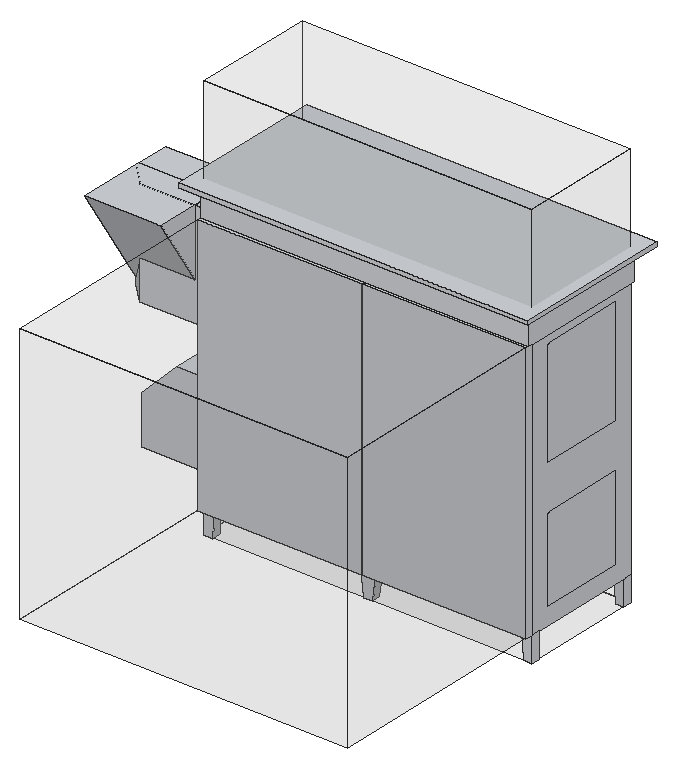
Revit family "AHU 3 _6", category Mechanické zařízení, Revit 2018
Family settings
  Kóta kulaté spojky = Použít průměr
  Typ dílu = Normální
  Číslo OmniClass = 23.75.00.00
  Nadpis OmniClass = Climate Control (HVAC)
  Založené na pracovní rovině = Ne
  Vždy vertikální = Ano
  Ořezat dutým tvarem při načtení = Ne
  Sdílené = Ne
  Bod výpočtu místnosti = Ne
Parameters (values of type "DUPLEXVENT Flexi (3G) DV3500 (RD5)")
  Width [instance] = 0.78 mm
  Weight [instance] = 407.00 kg
  URL = ""
  Type [instance] = "DUPLEXVENT Flexi (3G) DV3500 (RD5)"
  Total_SFP [instance] = 0
  Supply_outlet_hum [instance] = 24.8
  Supply_inlet_hum [instance] = 90
  Supply_ext_pressure [instance] = 200.0 Pa
  Supply_SFP [instance] = 0
  Source_adu_file [instance] = "C:\\\\Users\\\\dgavril\\\\OneDrive - Airflow Developments Ltd\\\\Desktop\\\\adu durley chine V4.adu"
  Recuperation_type [instance] = "Plate heat recovery exchanger"
  Recuperation_efficiency_EN308 [instance] = 82.6
  Project_name [instance] = "Durley Chine Passivhaus"
  Project_date [instance] = "13-08-2021"
  Power_supply_fusing [instance] = "0"
  Power_supply_cable [instance] = "0"
  Position [instance] = "AHU 3 "
  Phases_count [instance] = 3
  Panel_thickness [instance] = 0.06 mm
  Outer_surface [instance] = "RAL 9002"
  Length [instance] = 1.95 mm
  Insulation_type [instance] = "PUR"
  Insulation_thickness [instance] = 0.05 mm
  Installation_environment [instance] = ""
  Input_power_max [instance] = 5000 W
  Inner_surface [instance] = "Pozink"
  I2 [instance] = I1  # 0.0 L/s
  Height [instance] = 1.55 mm
  Exhaust_outlet_hum [instance] = 96.4
  Exhaust_inlet_hum [instance] = 40
  Exhaust_ext_pressure [instance] = 200.0 Pa
  Exhaust_SFP [instance] = 0
  E1 [instance] = E2 - M1  # 0.0 L/s
  E2 [instance] = 0.0 L/s
  I1 [instance] = 0.0 L/s
  Description = ""
  M1 [instance] = 0.0 L/s
  Device_dutypoint_version [instance] = "31"
  Device_design_version [instance] = "103"
  Device_adu_id [instance] = "6"
  Current_max [instance] = 7.6 A
  Casing_mat [instance] = "painted zinc layer"
  Cable type [instance] = "CYKY 5Jx2,5"
Reference planes
  plane 1 "Střed (vpředu/vzadu)": y = 0
  plane 2 "ref": z = 0
  plane 3 "Střed (vlevo/vpravo)": x = 0
Forms (mm)
  Sweep 1, solid
    path origin (0, 0, 0) x (0, 0, 1) y (1, 0, 0)
      loop
        line (0, 0) -> (1550, 0)
    profile origin (0, 0, 0) x (1, 0, 0) y (0, 1, 0)
      loop
        line (0, 0) -> (1950, 0) -> (1950, 735) -> (0, 735) -> (0, 0)
  Sweep 2, solid
    path origin (0, 0, 0) x (0, 0, 1) y (1, 0, 0)
      loop
        line (0, 0) -> (1550, 0)
    profile origin (0, 0, 0) x (1, 0, 0) y (0, 1, 0)
      loop
        line (0, 0) -> (0, -45) -> (1950, -45) -> (1950, 0) -> (0, 0)
  Sweep 3, solid
    path origin (-233, 615, 355) x (1, 0, 0) y (0, 1, 0)
      loop
        line (0, 0) -> (0, -500)
    profile origin (-233, 615, 355) x (1, 0, 0) y (0, 0, 1)
      loop
        line (233, 250) -> (-23, 250) -> (-233, 41) -> (-233, -250) -> (233, -250) -> (233, 250)
  Sweep 4, solid
    path origin (0, 0, 105) x (0, 0, 1) y (1, 0, 0)
      loop
        line (0, 0) -> (500, 0)
    profile origin (0, 0, 105) x (1, 0, 0) y (0, 1, 0)
      loop
        line (-1, 115) -> (0, 115) -> (0, 615) -> (-1, 615) -> (-1, 115)
  Sweep 5, solid
    path origin (1949, 365, 1190) x (1, 0, 0) y (0, 1, 0)
      loop
        line (0, 0) -> (1, 0)
    profile origin (1949, 365, 1190) x (0, 1, 0) y (0, 0, 1)
      loop
        line (-250, 315) -> (-250, -315) -> (250, -315) -> (250, 315) -> (-250, 315)
  Sweep 6, solid
    path origin (1949, 365, 355) x (1, 0, 0) y (0, 1, 0)
      loop
        line (0, 0) -> (1, 0)
    profile origin (1949, 365, 355) x (0, 1, 0) y (0, 0, 1)
      loop
        line (-250, 250) -> (-250, -250) -> (250, -250) -> (250, 250) -> (-250, 250)
  Sweep 7, solid
    path origin (-300, 365, 875) x (0, 0, 1) y (1, 0, 0)
      loop
        line (0, 0) -> (630, 0)
    profile origin (-300, 365, 875) x (1, 0, 0) y (0, 1, 0)
      loop
        line (300, 250) -> (150, 250) -> (150, 100) -> (-300, 100) -> (-300, -125) -> (-175, -250) -> (300, -250) -> (300, 250)
  Sweep 8, solid
    path origin (-150, 365, 1190) x (0, 1, 0) y (-1, 0, 0)
      loop
        line (0, 0) -> (0, 450)
    profile origin (-150, 365, 1190) x (0, -1, 0) y (0, 0, 1)
      loop
        line (100, -315) -> (500, 315) -> (100, 315) -> (100, -315)
  Sweep 9, solid
    path origin (0, 0, 875) x (0, 0, 1) y (1, 0, 0)
      loop
        line (0, 0) -> (630, 0)
    profile origin (0, 0, 875) x (1, 0, 0) y (0, 1, 0)
      loop
        line (-1, 115) -> (0, 115) -> (0, 615) -> (-1, 615) -> (-1, 115)
  Sweep 10, solid
    path origin (0, 0, 1725) x (0, 0, 1) y (1, 0, 0)
      loop
        line (0, 0) -> (25, 0)
    profile origin (0, 0, 1725) x (1, 0, 0) y (0, 1, 0)
      loop
        line (-65, -110) -> (2015, -110) -> (2015, 845) -> (-65, 845) -> (-65, -110)
  Sweep 11, solid
    path origin (0, 0, 1550) x (0, 0, 1) y (1, 0, 0)
      loop
        line (0, 0) -> (175, 0)
    profile origin (0, 0, 1550) x (1, 0, 0) y (0, 1, 0)
      loop
        line (0, -25) -> (1950, -25) -> (1950, 760) -> (0, 760) -> (0, -25)
  Sweep 12, solid
    path origin (750, 147, 0) x (0, -1, 0) y (0, 0, 1)
      loop
        line (0, 0) -> (0, -30)
    profile origin (750, 147, 0) x (-1, 0, 0) y (0, -1, 0)
      loop
        circle (0, 0) r 16
  Sweep 13, solid, material "Servisní prostor"
    path origin (0, 0, 0) x (0, 0, 1) y (1, 0, 0)
      loop
        line (0, 0) -> (1550, 0)
    profile origin (0, 0, 0) x (1, 0, 0) y (0, 1, 0)
      loop
        line (0, -1370) -> (1950, -1370) -> (1950, -45) -> (0, -45) -> (0, -1370)
  Sweep 14, solid, material "Servisní prostor"
    path origin (0, 0, 1550) x (0, 0, 1) y (1, 0, 0)
      loop
        line (0, 0) -> (720, 0)
    profile origin (0, 0, 1550) x (1, 0, 0) y (0, 1, 0)
      loop
        line (0, 0) -> (1950, 0) -> (1950, 735) -> (0, 735) -> (0, 0)
  Sweep 15, solid, material "Servisní prostor"
    path origin (0, 0, -150) x (0, 0, 1) y (1, 0, 0)
      loop
        line (0, 0) -> (150, 0)
    profile origin (0, 0, -150) x (1, 0, 0) y (0, 1, 0)
      loop
        line (0, 735) -> (0, 0) -> (1950, 0) -> (1950, 735) -> (0, 735)
  Sweep 16, solid
    path origin (0, 0, 0) x (0, 0, 1) y (1, 0, 0)
      loop
        line (0, 0) -> (1550, 0)
    profile origin (0, 0, 0) x (1, 0, 0) y (0, 1, 0)
      loop
        line (0, -45) -> (975, -45) -> (975, -5) -> (0, -5) -> (0, -45)
  Sweep 17, solid
    path origin (0, 0, 0) x (0, 0, 1) y (1, 0, 0)
      loop
        line (0, 0) -> (1550, 0)
    profile origin (0, 0, 0) x (1, 0, 0) y (0, 1, 0)
      loop
        line (975, -45) -> (1950, -45) -> (1950, -5) -> (975, -5) -> (975, -45)
  Sweep 18, solid
    path origin (25, 50, 0) x (1, 0, 0) y (0, 1, 0)
      loop
        line (0, 0) -> (0, -50)
    profile origin (25, 50, 0) x (1, 0, 0) y (0, 0, 1)
      loop
        line (-25, 0) -> (-25, -150) -> (25, -150) -> (35, 0) -> (-25, 0)
  Sweep 19, solid
    path origin (1925, 50, 0) x (1, 0, 0) y (0, 1, 0)
      loop
        line (0, 0) -> (0, -50)
    profile origin (1925, 50, 0) x (1, 0, 0) y (0, 0, 1)
      loop
        line (-35, 0) -> (-25, -150) -> (25, -150) -> (25, 0) -> (-35, 0)
  Sweep 20, solid
    path origin (25, 735, 0) x (1, 0, 0) y (0, 1, 0)
      loop
        line (0, 0) -> (0, -50)
    profile origin (25, 735, 0) x (1, 0, 0) y (0, 0, 1)
      loop
        line (-25, 0) -> (-25, -150) -> (25, -150) -> (35, 0) -> (-25, 0)
  Sweep 21, solid
    path origin (1925, 735, 0) x (1, 0, 0) y (0, 1, 0)
      loop
        line (0, 0) -> (0, -50)
    profile origin (1925, 735, 0) x (1, 0, 0) y (0, 0, 1)
      loop
        line (-35, 0) -> (-25, -150) -> (25, -150) -> (25, 0) -> (-35, 0)
  Sweep 22, solid
    path origin (975, 50, 0) x (1, 0, 0) y (0, 1, 0)
      loop
        line (0, 0) -> (0, -50)
    profile origin (975, 50, 0) x (1, 0, 0) y (0, 0, 1)
      loop
        line (-45, 0) -> (-25, -150) -> (25, -150) -> (45, 0) -> (-45, 0)
  Sweep 23, solid
    path origin (975, 735, 0) x (1, 0, 0) y (0, 1, 0)
      loop
        line (0, 0) -> (0, -50)
    profile origin (975, 735, 0) x (1, 0, 0) y (0, 0, 1)
      loop
        line (-45, 0) -> (-25, -150) -> (25, -150) -> (45, 0) -> (-45, 0)
  Sweep 24, solid
    path origin (0, 0, 1550) x (0, 0, 1) y (1, 0, 0)
      loop
        line (0, 0) -> (125, 0)
    profile origin (0, 0, 1550) x (1, 0, 0) y (0, 1, 0)
      loop
        line (650, 45) -> (1305, 45) -> (1305, 235) -> (650, 235) -> (650, 45)
  Sweep 25, solid
    path origin (650, 140, 1613) x (0, 0, -1) y (1, 0, 0)
      loop
        line (0, 0) -> (0, -1)
    profile origin (650, 140, 1613) x (0, 0, -1) y (0, -1, 0)
      loop
        circle (0, 0) r 10
Lines and regions (mm)
  model lines, style "Symbol"
    curve 1: line (1000, -45, 0) -> (1000, -45, 310)
    curve 2: line (1000, -45, 1550) -> (1000, -45, 1240)
    curve 3: line (0, -45, 775) -> (535, -45, 775)
    curve 4: line (1950, -45, 775) -> (1465, -45, 775)
    curve 5: line (535, -45, 775) -> (767, -45, 1240)
    curve 6: line (767, -45, 1240) -> (1232, -45, 1240)
    curve 7: line (1232, -45, 1240) -> (1465, -45, 775)
    curve 8: line (1465, -45, 775) -> (1232, -45, 310)
    curve 9: line (1232, -45, 310) -> (1000, -45, 310)
    curve 10: line (1000, -45, 310) -> (767, -45, 310)
    curve 11: line (767, -45, 310) -> (535, -45, 775)
    curve 12: line (1609, -45, 1273) -> (1857, -45, 1231)
    curve 13: line (1609, -45, 1052) -> (1857, -45, 1094)
    curve 14: line (341, -45, 1052) -> (93, -45, 1094)
    curve 15: line (341, -45, 1273) -> (93, -45, 1231)
    curve 16: line (175, -45, 155) -> (175, -45, 620)
    curve 17: line (175, -45, 620) -> (292, -45, 620)
    curve 18: line (292, -45, 620) -> (292, -45, 155)
    curve 19: line (292, -45, 155) -> (175, -45, 155)
    curve 20: line (234, -45, 155) -> (292, -45, 388)
    curve 21: line (234, -45, 620) -> (292, -45, 388)
    curve 22: line (1774, -45, 620) -> (1774, -45, 155)
    curve 23: line (1774, -45, 155) -> (1657, -45, 155)
    curve 24: line (1657, -45, 155) -> (1657, -45, 620)
    curve 25: line (1657, -45, 620) -> (1774, -45, 620)
    curve 26: line (1716, -45, 620) -> (1657, -45, 388)
    curve 27: line (1716, -45, 155) -> (1657, -45, 388)
    curve 28: line (684, -45, 271) -> (472, -45, 686)
    curve 29: line (472, -45, 686) -> (541, -45, 721)
    curve 30: line (541, -45, 721) -> (753, -45, 306)
    curve 31: line (753, -45, 306) -> (684, -45, 271)
    curve 32: line (557, -45, 537) -> (584, -45, 621)
    curve 33: line (641, -45, 371) -> (668, -45, 455)
    curve 34: line (0, -45, 0) -> (975, -45, 0)
    curve 35: line (0, -45, 1550) -> (975, -45, 1550)
    curve 36: line (0, -45, 0) -> (0, -45, 1550)
    curve 37: line (975, -45, 0) -> (975, -45, 1550)
    curve 38: line (0, -45, 0) -> (0, -5, 0)
    curve 39: line (975, -45, 0) -> (975, -5, 0)
    curve 40: line (0, -45, 1550) -> (0, -5, 1550)
    curve 41: line (975, -45, 1550) -> (975, -5, 1550)
    curve 42: line (975, -45, 0) -> (1950, -45, 0)
    curve 43: line (975, -45, 1550) -> (1950, -45, 1550)
    curve 44: line (975, -45, 0) -> (975, -45, 1550)
    curve 45: line (1950, -45, 0) -> (1950, -45, 1550)
    curve 46: line (975, -45, 0) -> (975, -5, 0)
    curve 47: line (1950, -45, 0) -> (1950, -5, 0)
    curve 48: line (975, -45, 1550) -> (975, -5, 1550)
    curve 49: line (1950, -45, 1550) -> (1950, -5, 1550)
    curve 50: circle (1718, -45, 1163) r 155 normal (0, -1, 0)
    curve 51: circle (233, -45, 1163) r 155 normal (0, -1, 0)
    curve 52: circle (570, -45, 579) r 12 normal (0, -1, 0)
    curve 53: circle (655, -45, 413) r 12 normal (0, -1, 0)
Dimensions and locks
  aligned and locked: level to plane 2 "ref"
Connectors
  hvac at (-0.5, 365, 605), driven by "E1"
    settings: on Sweep 4, index 1, duct flow 0.0 L/s, flow factor 0, pres drop 0.0 Pa, loss coef 0, conn angle 0.00°, conn width 10 mm, conn height 10 mm, conn diameter 609.6 mm, duct sys type 1, conn prof type 1, flow config 1, flow direction 1, loss method 0, conn ref index -1, conn util no, is conn primary yes, conn desc ""
  hvac at (1950, 365, 1190), driven by "E2"
    settings: on Sweep 5, index 2, duct flow 0.0 L/s, flow factor 1, pres drop 0.0 Pa, loss coef 0, conn angle 0.00°, conn width 500 mm, conn height 630 mm, conn diameter 609.6 mm, duct sys type 1, conn prof type 1, flow config 2, flow direction 2, loss method 0, conn ref index -1, conn util no, is conn primary no, conn desc ""
  hvac at (1950, 365, 355), driven by "I1"
    settings: on Sweep 6, index 3, duct flow 0.0 L/s, flow factor 1, pres drop 0.0 Pa, loss coef 0, conn angle 0.00°, conn width 500 mm, conn height 500 mm, conn diameter 609.6 mm, duct sys type 3, conn prof type 1, flow config 2, flow direction 1, loss method 0, conn ref index -1, conn util no, is conn primary no, conn desc ""
  hvac at (-0.5, 365, 1505), driven by "I2"
    settings: on Sweep 9, index 4, duct flow 0.0 L/s, flow factor 0, pres drop 0.0 Pa, loss coef 0, conn angle 0.00°, conn width 10 mm, conn height 10 mm, conn diameter 609.6 mm, duct sys type 3, conn prof type 1, flow config 1, flow direction 2, loss method 0, conn ref index -1, conn util no, is conn primary no, conn desc ""
  piping at (750, 147, -30), diameter 22
    settings: on Sweep 12, index 5, connector inside diameter 609.6 mm, connector length 0 mm, flow factor 0, pipe flow 0.0 L/s, pressure drop 0.0 Pa, fitting loss kfactor 0, connector angle 0.00°, fixture units 0, engagement length 0 mm, angle of deflection 0.00°, flow configuration 1, flow direction 2, fitting loss method 0, system type 16, joint type 0, gender type 0, connector reference index -1, connector utility 0, adjustable connector no, is connector primary yes, connector description ""
  electrical at (649, 140, 1613)
    settings: on Sweep 25, index 6, voltage 400 V, apparent load 0 VA, apparent load phase1 0 VA, apparent load phase2 0 VA, apparent load phase3 0 VA, power factor 1, load classification "Další", number of poles 3, system type 31, power factor state 1, is connector primary yes, connector utility no, sub classification motor no, connector description ""
